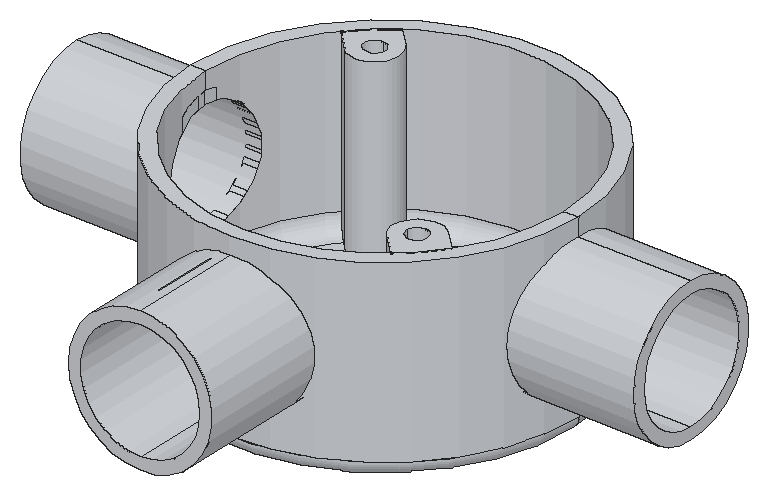
Revit family "PB4B", category Generic Models, Revit 2017
Family settings
  Can host rebar = No
  Round Connector Dimension = Use Diameter
  Part Type = Normal
  Work Plane-Based = Yes
  Always vertical = No
  Cut with Voids When Loaded = No
  Shared = No
  Room Calculation Point = No
Parameters (values of type "NBS Standard Parameters")
  Weight = "0.0517Kg"
  WarrantyStartDate [instance] = "1900-12-31T23:59:59"
  WarrantyGuarantorParts = "n/a"
  WarrantyGuarantorLabor = "n/a"
  WarrantyDurationUnit = "1 year"
  WarrantyDurationParts = "n/a"
  WarrantyDurationLabor = "n/a"
  WarrantyDescription = "n/a"
  Version = "1"
  Uniclass2 = "Pr_65_70_11_20"
  TagNumber [instance] = "n/a"
  SustainabilityPerformance = "n/a"
  Size = "20mm"
  Shape = "Circular"
  SerialNumber [instance] = "n/a"
  Revision = "n/a"
  ReplacementCost = "n/a"
  ProductInformation = "www.metpro.co.uk/pdf/pb4w.pdf"
  NominalWidth = 66 mm
  NominalLength = 66 mm
  NominalHeight = 30 mm
  Name = ""
  NBSTypeID = ""
  NBSReference = "90-55-10/460"
  NBSOfficeMasterTag = ""
  NBSNote = ""
  NBSDescription = "Conduit Fittings"
  NBSCertification = ""
  ModelReference = "PB4B"
  ModelNumber = "n/a"
  Material = "PVC"
  ManufacturerURL = "www.metpro.co.uk"
  ManufacturerName = "Metpro Ltd"
  Keynote = "Manufactured to BS4607 Part 1"
  InstallationDate [instance] = "1900-12-31T23:59:59"
  IfcExportType = ""
  IfcExportAs = ""
  Grade = "n/a"
  Finish = "Black"
  Features = "n/a"
  ExpectedLife = "n/a"
  DurationUnit = "year"
  Description = "PB4B - 20mm Tee PVC conduit Box"
  Default Elevation = 1219.2 mm
  Constituents = "n/a"
  Color = "n/a"
  CodePerformance = "n/a"
  Category = "n/a"
  BarCode [instance] = "n/a"
  BIMObjectName = "Metpro_metprolibrary_conduitfittings_PVC component_Circularjunctionbox."
  Author = "Metpro Ltd"
  AssetType = ""
  AssetIdentifier [instance] = "n/a"
  AccessibilityPerformance = "n/a"
Reference planes
  plane 1 "Center (Front/Back)": y = 0
  plane 2: z = 0
  plane 3 "Center (Left/Right)": x = 0
Forms (mm)
  Revolve 1, solid
    sketch origin (0, 44.567, -16.771) x (1, 0, 0) y (0, 0, 1)
      loop
        line (-32.5, 42.541) -> (-32.5, 12.5)
        arc (-32.5, 12.5) -> (-31.768, 10.732) -> (-30, 10) r 2.5
        line (-30, 10) -> (0, 10) -> (0, 12.541) -> (-27, 12.541)
        arc (-27, 12.541) -> (-29.121, 13.42) -> (-30, 15.541) r 3
        line (-30, 15.541) -> (-30, 42.541) -> (-32.5, 42.541)
      axis (0, 10) -> (0, 42.541)
    angle from 0 to 360
  Extrusion 2, solid
    sketch origin (0, 44.567, 25.771) x (0, 1, 0) y (-1, 0, 0)
      loop
        arc (-13.805, -21.577) -> (-13.887, -16.02) -> (-19.441, -15.821) r 4.033
        line (-19.441, -15.821) -> (-22.946, -19.326)
        arc (-22.946, -19.326) -> (-20.14, -22.235) -> (-16.968, -24.74) r 30
        line (-16.968, -24.74) -> (-13.805, -21.577)
      loop
        circle (-16.769, -18.842) r 1.752
      loop
        line (21.577, 13.805) -> (24.74, 16.968)
        arc (24.74, 16.968) -> (22.235, 20.14) -> (19.326, 22.946) r 30
        line (19.326, 22.946) -> (15.821, 19.441)
        arc (15.821, 19.441) -> (16.02, 13.887) -> (21.577, 13.805) r 4.033
      loop
        circle (18.842, 16.769) r 1.752
    from -31.563 to 0
  Extrusion 3, void
    sketch origin (0, 44.567, -16.771) x (0, 0, 1) y (0, -1, 0)
      loop
        circle (27.754, 0.168) r 10
    from -51.5 to 51.5
  Extrusion 4, solid
    sketch origin (0, 44.567, -15.521) x (0, 0, 1) y (0, -1, 0)
      loop
        circle (26.504, 0.168) r 12
      loop
        circle (26.504, 0.168) r 10
    from 28.88 to 51.5
  Extrusion 5, solid
    sketch origin (-1.5, 44.567, -15.521) x (0, 0, 1) y (0, 1, 0)
      loop
        circle (26.504, -0.168) r 10
      loop
        circle (26.504, -0.168) r 12
    from 24.792 to 50
  Extrusion 6, solid
    sketch origin (0, 43.067, -15.521) x (0, 0, 1) y (-1, 0, 0)
      loop
        circle (26.504, -0.168) r 10
      loop
        circle (26.504, -0.168) r 12
    from 24.792 to 50
  Extrusion 7, void
    sketch origin (0, 44.567, 25.771) x (-1, 0, 0) y (0, 1, 0)
      loop
        arc (-14.448, -26.292) -> (0, -30) -> (14.448, -26.292) r 30
        line (14.448, -26.292) -> (-14.448, -26.292)
    from 0 to 31.563
  Extrusion 8, void
    sketch origin (0, 44.567, 25.771) x (-1, 0, 0) y (0, 1, 0)
      loop
        arc (19.963, -22.394) -> (29.708, -4.175) -> (25.362, 16.024) r 30
        arc (25.362, 16.024) -> (22.225, -3.124) -> (19.963, -22.394) r 426.342
      loop
        line (-25.593, -15.653) -> (-25.593, 15.653)
        arc (-25.593, 15.653) -> (-30, 0) -> (-25.593, -15.653) r 30
    from 0 to 27.234
  Extrusion 9, void
    sketch origin (0, -6.933, -15.521) x (0, 0, -1) y (-1, 0, 0)
      loop
        circle (-26.504, -0.168) r 10
    from 0 to 45.26
Cuts and joins
  Extrusion 3, Extrusion 9 cuts Revolve 1
  Extrusion 3, Extrusion 8 cuts Extrusion 4
  Extrusion 3, Extrusion 8 cuts Extrusion 5
  Extrusion 7, Extrusion 9 cuts Extrusion 6
Dimensions and locks
  aligned and locked: level to plane 2
